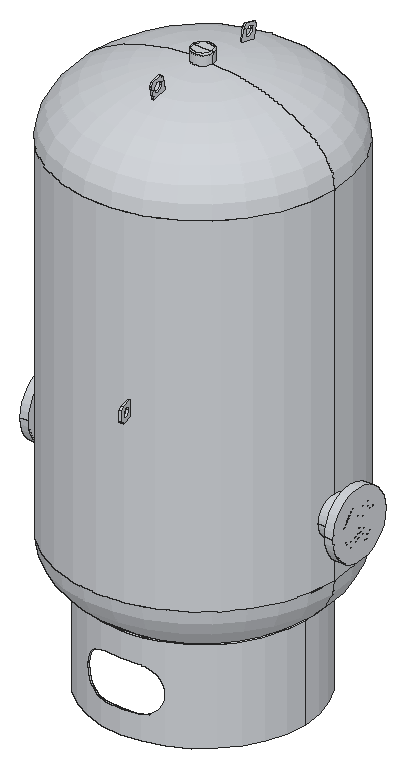
Revit family "CWBT850-8-125", category Mechanical Equipment, Revit 2014
Parameters (values of type "CWBT850-8-125")
  Tank Weight = "2736 lbs"
  Tank Volume = "850 Gal"
  Tank Height = "114 7/16\""
  Tank Diameter = "54\""
  Note = "All dimensions and weights are approximate"
  Maximum Acceptance Volume = "N/A"
  Max Operating Temp = "450° F"
  Max Operating Pressure = "125 psi"
  Connector Size = "8\""
Types (3): name
  (no name)
  CWBT850-6-125
  CWBT850-8-125
Reference planes (in)
  plane 1 "Center (Front/Back)": y = 0
  plane 2: z = 0
  plane 3 "Center (Left/Right)": x = 0
Forms (in)
  Extrusion 1, solid
    sketch origin (0, 0, 0) x (1, 0, 0) y (0, 1, 0)
      loop
        circle (0, 0) r 21
      loop
        circle (0, 0) r 20.75
    from 0 to 19
  Extrusion 2, void
    sketch origin (0, 0, 0) x (1, 0, 0) y (0, 0, 1)
      loop
        arc (-3.25, 14) -> (-7.875, 9.375) -> (-3.25, 4.75) r 4.625
        line (-3.25, 4.75) -> (3.25, 4.75)
        arc (3.25, 4.75) -> (7.875, 9.375) -> (3.25, 14) r 4.625
        line (3.25, 14) -> (-3.25, 14)
    from 0 to 22
  Revolve 3, solid
    sketch origin (0, 0, 0) x (1, 0, 0) y (0, 0, 1)
      loop
        line (0, 116.58259) -> (0, 11.83259) -> (1.875, 11.83259)
        arc (1.875, 11.83259) -> (2.05178, 11.90581) -> (2.125, 12.08259) r 0.25
        line (2.125, 12.08259) -> (2.125, 13.98057)
        spline (2.125, 13.98057) -> (5.44659, 14.23297) -> (8.68409, 14.70402) -> (11.78752, 15.38645) -> (14.70896, 16.26973) -> (17.4033, 17.3402) -> (19.82896, 18.58136) -> (21.94847, 19.97403) -> (23.72912, 21.49671) -> (25.14341, 23.1259) -> (26.16951, 24.83644) -> (26.79157, 26.60192) -> (27, 28.39509)
        line (27, 28.39509) -> (27, 100.02009)
        spline (27, 100.02009) -> (26.79157, 101.81325) -> (26.16951, 103.57873) -> (25.14341, 105.28927) -> (23.72912, 106.91846) -> (21.94847, 108.44114) -> (19.82896, 109.83381) -> (17.4033, 111.07497) -> (14.70896, 112.14545) -> (11.78752, 113.02872) -> (8.68409, 113.71115) -> (5.44659, 114.1822) -> (2.125, 114.4346)
        line (2.125, 114.4346) -> (2.125, 116.33259)
        arc (2.125, 116.33259) -> (2.05178, 116.50936) -> (1.875, 116.58259) r 0.25
        line (1.875, 116.58259) -> (0, 116.58259)
      axis (0, 116.58259) -> (0, 11.83259)
    angle from 0 to 360
  Extrusion 4, solid
    sketch origin (2.70841, -11.72192, 28.84944) x (-0.217304, 0.976104, 0) y (0, 0, 1)
      loop
        line (-14.96995, 36.86103) -> (-17.46995, 36.86103) -> (-17.96995, 36.36103) -> (-17.96995, 34.36103) -> (-17.46995, 33.86103) -> (-14.96995, 33.86103) -> (-14.96995, 36.86103)
      loop
        circle (-16.39156, 35.36103) r 1
    from -0.2511 to 0.23955
  Extrusion 5, solid
    sketch origin (0, 0, 0) x (0, 1, 0) y (0, 0, 1)
      loop
        line (-9.83439, 113.50525) -> (-10.4392, 115.93099) -> (-11.04531, 116.29518) -> (-12.9859, 115.81134) -> (-13.35009, 115.20523) -> (-12.75216, 112.80708) -> (-12.66675, 112.4645) -> (-9.74898, 113.16268) -> (-9.83439, 113.50525)
      loop
        circle (-11.6682, 114.60142) r 1.00233
      loop
        line (12.74986, 112.80763) -> (12.69168, 112.5645) -> (9.77391, 113.26268) -> (9.83439, 113.50525) -> (10.4392, 115.93099) -> (11.04531, 116.29518) -> (12.9859, 115.81134) -> (13.35009, 115.20523) -> (12.75216, 112.80708)
      loop
        circle (11.65444, 114.60471) r 0.9939
    from -0.1875 to 0.1875
  Extrusion 6, solid
    sketch origin (0, 0, 0) x (0, 1, 0) y (0, 0, 1)
      loop
        circle (0, 40.5) r 3.9905
    from 0 to 32
  Extrusion 7, solid
    sketch origin (0, 0, 0) x (0, 1, 0) y (0, 0, 1)
      loop
        circle (0, 40.5) r 3.9905
    from 0 to -32
  Extrusion 8, solid
    sketch origin (0, 0, 0) x (0, 1, 0) y (0, 0, 1)
      loop
        circle (0, 40.5) r 6.75
    from -30.25 to -32
  Extrusion 9, solid
    sketch origin (0, 0, 0) x (0, 1, 0) y (0, 0, 1)
      loop
        circle (0, 40.5) r 6.75
    from 30.25 to 32
Cuts and joins
  Extrusion 2 cuts Extrusion 1
Dimensions and locks (in)
  Extrusion 4 sketch curve to Extrusion 4 sketch curve = 1 1/2"  (x2)
  aligned and locked: level to plane 2
